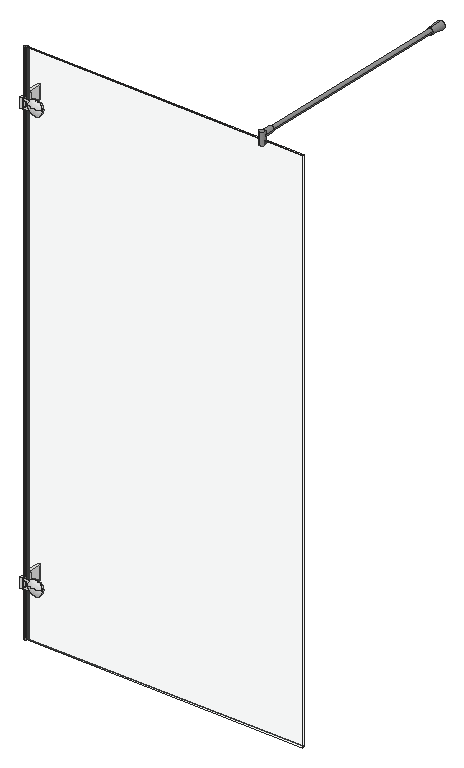
Revit family "Sanitary_Shower-screens_Duscholux_Pure-Style_Andromeda_Separator_Fixed-panel-shower-bath", category Plumbing Fixtures, Revit 2016
Family settings
  Part Type = Normal
  Round Connector Dimension = Use Diameter
  OmniClass Number = 23.45.00.00
  OmniClass Title = Sanitary, Laundry, and Cleaning Equipment
  Work Plane-Based = No
  Always vertical = Yes
  Cut with Voids When Loaded = No
  Shared = No
  Room Calculation Point = No
Parameters (values of type "Platinum Aluminium Finish")
  Width = 1000 mm
  Uniclass 2015 Description = "Shower Enclosures"
  Uniclass 2015 Code = "PR-40-20-06-79"
  URL = "http://www.duscholux.es/"
  UNSPSC Code = "30181507"
  Thickness Glass = 8 mm  # constant formula
  Technical Inspection Certificate (Applus) = "http://www.duscholux.es/resources/custom/var/APPLUS_en.pdf"
  Series = "Pure Style"
  Region South America = "Consult"
  Region Oceania = "Consult"
  Region North America = "Consult"
  Region Middle East = "Consult"
  Region Europe = "AD, ES, FR, PT"
  Region Asia = "Consult"
  Region Antartica = "Consult"
  Region Africa = "Consult"
  Ref. = "41I / 41D"
  Products = "http://www.duscholux.es/mamparas_filtro.aspx?es"
  Product group = "Fixed panel"
  Product family = "Pure Style"
  Opening System Image = "http://blob.duscholux.es/pluma512/SDIzq1f.gif"
  Opening System = "Pivot Door"
  Offset Support = 150 mm
  Net Weight (Kg) = 53.5
  NBS Reference Description = "Shower Enclosures"
  NBS Reference Code = "45-35-70"
  Model = "Andromeda"
  Min Max Width = if(Width < 501 mm, 501 mm, if(Width > 1350 mm, 1350 mm, Width))  # 1000 mm
  Max Height = if(Height < 1400 mm, 1400 mm, if(Height > 2100 mm, 2100 mm, Height))  # 1900 mm
  Manufacturer name = "Duscholux Ibérica, S.A."
  Manufacturer country = "Spain"
  Maintenance and Cleaning = "http://www.duscholux.es/mamparas_limpieza.aspx?en"
  Lenght Support = 800 mm
  Image = "https://www.duscholux.es/resources/custom/img/mamparas/PURE%20STYLE/modelos/1F0PSDF/mampara_h.jpg"
  IFC Classification = "Furnishing Element"
  Height = 1900 mm
  Handle Material = Chrome_Finish
  Glass in Building UNE EN 12150 = "CE Conformity marking"
  Glass Material = Glass_Material-Duscholux
  Frame Material = Platinum Aluminium Finish
  Fact Sheet = "http://blob.duscholux.es/enpdf2018/AndromedaSDB.pdf"
  Manufacturer = "Duscholux Ibérica, S.A."
  Environmental Management ISO 14001 = "ECOEMBES Certificate"
  Edition number = "1"
  Design country = "Spain / Germany"
  Description = "Fixed panel for shower"
  Date of publishing = ""
  Assembly Code = "C1030200"
  Configuration enclosure = "http://configuratumampara.duscholux.es/eCatalogo.aspx"
  Components = "Eropean components"
  Type Comments = ""
  Combinations = "Hinge and handle to choice (Round, square or triangular)"
  Certified Quality UNE EN 14428 = "http://www.duscholux.es/duscholux_downloads.aspx?es"
  COBIe Type Category = ""
  Brand = "Duscholux"
  Accesories Material = Chrome_Finish
Types (3, lengths in mm): name | Width | Offset Support | Min Max Width | Max Height | Height | Frame Material
  (no name) | 1000 | 150 | 1000 | 1900 | 1900 | Platinum Aluminium Finish
  Silver Matt Aluminium Finish | 900 | 100 | 900 | 1800 | 1800 | Silver Matt Aluminium Finish
  Platinum Aluminium Finish | 1000 | 150 | 1000 | 1900 | 1900 | Platinum Aluminium Finish
Reference planes
  plane 1 "Centro (Frontal/Posterior)": y = 0
  plane 2: z = 0
  plane 3 "Centro (Izquierda/Derecha)": x = 0
  plane 4: z = 1900
  plane 5: z = 950
  plane 6: z = 400
  plane 7: x = 4
  plane 8: y = 0
  plane 9: y = 6
  plane 10: x = 1000
  plane 11: z = 580
  plane 12: z = 1720
  plane 13: y = 8
  plane 14: z = 8
  plane 15: z = 180
  plane 16: y = 4
  plane 17: x = 600
Forms (mm)
  Extrusion 1, solid, material "Glass_Material-Duscholux" <- "Glass Material"
    sketch origin (0, 0, 0) x (1, 0, 0) y (0, 1, 0)
      loop
        line (6, 8) -> (6, 0) -> (1000, 0) -> (1000, 8) -> (6, 8)
    from 0 to 1900
  Extrusion 2, solid, material "Plástico, transparente"
    sketch origin (542.583, -171.096, 0) x (-1, 0, 0) y (0, -1, 0)
      loop
        line (536.583, -179.096) -> (531.583, -179.096) -> (531.583, -180.096) -> (536.583, -180.096) -> (541.183, -180.096)
        arc (541.183, -180.096) -> (542.583, -175.096) -> (541.183, -170.096) r 9.629
        line (541.183, -170.096) -> (536.583, -170.096) -> (531.583, -170.096) -> (531.583, -171.096) -> (536.583, -171.096) -> (536.583, -179.096)
      loop
        line (537.583, -170.596) -> (537.583, -179.596) -> (540.927, -179.596)
        arc (540.927, -179.596) -> (542.083, -175.096) -> (540.927, -170.596) r 9.338
        line (540.927, -170.596) -> (537.583, -170.596)
    from 1737.5 to 1900
  Extrusion 3, solid, material "Plástico, transparente"
    sketch origin (542.583, -171.096, 0) x (-1, 0, 0) y (0, -1, 0)
      loop
        line (536.583, -179.096) -> (531.583, -179.096) -> (531.583, -180.096) -> (536.583, -180.096) -> (541.183, -180.096)
        arc (541.183, -180.096) -> (542.583, -175.096) -> (541.183, -170.096) r 9.629
        line (541.183, -170.096) -> (536.583, -170.096) -> (531.583, -170.096) -> (531.583, -171.096) -> (536.583, -171.096) -> (536.583, -179.096)
      loop
        line (537.583, -170.596) -> (537.583, -179.596) -> (540.927, -179.596)
        arc (540.927, -179.596) -> (542.083, -175.096) -> (540.927, -170.596) r 9.338
        line (540.927, -170.596) -> (537.583, -170.596)
    from 197.5 to 1702.5
  Extrusion 4, solid, material "Plástico, transparente"
    sketch origin (542.583, -171.096, 0) x (-1, 0, 0) y (0, -1, 0)
      loop
        line (536.583, -179.096) -> (531.583, -179.096) -> (531.583, -180.096) -> (536.583, -180.096) -> (541.183, -180.096)
        arc (541.183, -180.096) -> (542.583, -175.096) -> (541.183, -170.096) r 9.629
        line (541.183, -170.096) -> (536.583, -170.096) -> (531.583, -170.096) -> (531.583, -171.096) -> (536.583, -171.096) -> (536.583, -179.096)
      loop
        line (537.583, -170.596) -> (537.583, -179.596) -> (540.927, -179.596)
        arc (540.927, -179.596) -> (542.083, -175.096) -> (540.927, -170.596) r 9.338
        line (540.927, -170.596) -> (537.583, -170.596)
    from 0 to 162.5
Lines and regions (mm)
  reference lines
    curve 1: line (700, 0, 0) -> (1000, 0, 0)
Dimensions and locks
  locked: plane 3 "Centro (Izquierda/Derecha)" to plane 7 at 4
  plane 5 to level = 950 mm
  "Min Max Width": plane 3 "Centro (Izquierda/Derecha)" to plane 10
  locked: plane 14 to level at 8
  locked: plane 15 to level at 180
  plane 3 "Centro (Izquierda/Derecha)" to Extrusion 4 = 6 mm
  "Max Height": plane 4 to level
  locked: plane 4 to plane 12 at 180
  locked: nested 4 to plane 12 at 17.5
  "Lenght Support": nested 5 to nested 5
  "Offset Support": nested 5 to plane 10
  "Thickness Glass": Extrusion 1 to Extrusion 1
  locked: Extrusion 2 to plane 12 at 17.5
  locked: plane 12 to Extrusion 3 at 17.5
  aligned and locked: level to plane 2
  aligned and locked: plane 12 to nested 2
  aligned and locked: plane 4 to Extrusion 1
  aligned and locked: plane 8 to curve 1
  aligned and locked: Extrusion 1 to Extrusion 2
  aligned and locked: plane 15 to nested 1
  aligned and locked: Extrusion 3 to nested 3
  aligned and locked: Extrusion 4 to level
  aligned and locked: Extrusion 4 to nested 3
  aligned and locked: plane 7 to nested 3
  aligned and locked: plane 4 to nested 5
  aligned and locked: plane 10 to Extrusion 1
Automatic sketch dimensions
  plane 1 "Centro (Frontal/Posterior)" to Extrusion 1 sketch curve = 0 mm
  Extrusion 1 sketch curve to plane 13 = 0 mm
  plane 7 to Extrusion 1 sketch curve = 2 mm
  Extrusion 2 sketch curve to plane 13 = 0 mm
  plane 1 "Centro (Frontal/Posterior)" to Extrusion 2 sketch curve = 0 mm
  Extrusion 2 sketch curve to plane 7 = 7 mm  (x2)
  plane 9 to Extrusion 2 sketch curve = 2 mm
  Extrusion 2 sketch curve to Extrusion 2 sketch curve = 1.162 mm
  Extrusion 2 sketch curve to Extrusion 2 sketch curve = 0.209 mm
  Extrusion 2 sketch curve to plane 7 = 2 mm
  Extrusion 2 sketch curve to Extrusion 2 sketch curve = 0 mm  (x3)
  Extrusion 2 sketch curve to plane 1 "Centro (Frontal/Posterior)" = 0.5 mm
  Extrusion 2 sketch curve to plane 7 = 1 mm
  Extrusion 2 sketch curve to plane 13 = 0.5 mm
  Extrusion 2 sketch curve to plane 3 "Centro (Izquierda/Derecha)" = 1.656 mm
  Extrusion 2 sketch curve to Extrusion 2 sketch curve = 0.256 mm  (x2)
  Extrusion 2 sketch curve to plane 1 "Centro (Frontal/Posterior)" = 1 mm
  Extrusion 3 sketch curve to plane 13 = 0 mm
  plane 1 "Centro (Frontal/Posterior)" to Extrusion 3 sketch curve = 0 mm
  Extrusion 3 sketch curve to plane 7 = 7 mm  (x2)
  plane 9 to Extrusion 3 sketch curve = 2 mm
  Extrusion 3 sketch curve to Extrusion 3 sketch curve = 1.162 mm
  Extrusion 3 sketch curve to Extrusion 3 sketch curve = 0.209 mm
  Extrusion 3 sketch curve to plane 7 = 2 mm
  Extrusion 3 sketch curve to Extrusion 3 sketch curve = 0 mm  (x3)
  Extrusion 3 sketch curve to plane 1 "Centro (Frontal/Posterior)" = 0.5 mm
  Extrusion 3 sketch curve to plane 7 = 1 mm
  Extrusion 3 sketch curve to plane 13 = 0.5 mm
  Extrusion 3 sketch curve to plane 3 "Centro (Izquierda/Derecha)" = 1.656 mm
  Extrusion 3 sketch curve to Extrusion 3 sketch curve = 0.256 mm  (x2)
  Extrusion 3 sketch curve to plane 1 "Centro (Frontal/Posterior)" = 1 mm
  Extrusion 4 sketch curve to plane 13 = 0 mm
  plane 1 "Centro (Frontal/Posterior)" to Extrusion 4 sketch curve = 0 mm
  Extrusion 4 sketch curve to plane 7 = 7 mm
  Extrusion 4 sketch curve to Extrusion 4 sketch curve = 0 mm  (x4)
  plane 9 to Extrusion 4 sketch curve = 2 mm
  Extrusion 4 sketch curve to Extrusion 4 sketch curve = 1.162 mm
  Extrusion 4 sketch curve to Extrusion 4 sketch curve = 0.209 mm
  Extrusion 4 sketch curve to Extrusion 4 sketch curve = 5 mm
  Extrusion 4 sketch curve to plane 1 "Centro (Frontal/Posterior)" = 0.5 mm
  Extrusion 4 sketch curve to Extrusion 4 sketch curve = 1 mm
  Extrusion 4 sketch curve to plane 13 = 0.5 mm
  Extrusion 4 sketch curve to Extrusion 4 sketch curve = 3.344 mm
  Extrusion 4 sketch curve to Extrusion 4 sketch curve = 0.256 mm  (x2)
  Extrusion 4 sketch curve to plane 1 "Centro (Frontal/Posterior)" = 1 mm
  curve 1 to plane 10 = 0 mm
  plane 17 to curve 1 = 100 mm
  Extrusion 1 sketch curve to plane 10 = 0 mm
Nested families
  nested 1: "Hinge (Wall)" at (0, 0, 155), type "Hinge (Wall)"
  nested 2: "Hinge (Wall)" at (0, 0, 1695), type "Hinge (Wall)"
  nested 3: "Hinge (Glass)" at (0, 0, 180) x (1, 0, 0) z (0, -1, 0), type "Hinge (Glass)"
  nested 4: "Hinge (Glass)" at (0, 0, 1720) x (1, 0, 0) z (0, -1, 0), type "Hinge (Glass)"
  nested 5: "Wall Support" at (850, 4, 1900) x (0, 1, 0) z (0, 0, 1), type "Wall Support"
Definition of nested family "Hinge (Wall)"
  Parameters (values of type "pletina pared")
    Material Accesorios = none
    Accesories Material = none
  Reference planes
    plane 1 "Centro (Frontal/Posterior)": y = 0
    plane 2: z = 0
    plane 3 "Centro (Izquierda/Derecha)": x = 0
    plane 4: z = 50
    plane 5: z = 42.5
    plane 6: z = 7.5
    plane 7: z = 25
  Forms (mm)
    Extrusion 1, solid, material <- "Accesories Material"
      sketch origin (0, 0, 0) x (1, 0, 0) y (0, 1, 0)
        loop
          line (-3.514, 75) -> (-10, 75) -> (-10, -4) -> (0, -4) -> (0, 32) -> (-1.514, 32) -> (-1.514, 73)
          arc (-1.514, 73) -> (-2.1, 74.414) -> (-3.514, 75) r 2
      from 0 to 50
    Extrusion 2, void
      sketch origin (0, 0, 0) x (1, 0, 0) y (0, 1, 0)
        loop
          line (-10, -4) -> (0, -4) -> (0, 32) -> (-1.514, 32) -> (-10, 26.002) -> (-10, -4)
      from 42.5 to 50
    Extrusion 3, void
      sketch origin (0, 0, 0) x (1, 0, 0) y (0, 1, 0)
        loop
          line (-10, 26.002) -> (-10, -4) -> (0, -4) -> (0, 32) -> (-1.514, 32) -> (-10, 26.002)
      from 0 to 7.5
  Cuts and joins
    Extrusion 2, Extrusion 3 cuts Extrusion 1
  Dimensions and locks
    equal spacing: plane 4, plane 7, level
    aligned and locked: level to plane 2
    aligned and locked: plane 4 to Extrusion 1
    aligned and locked: Extrusion 2 to Extrusion 1
    aligned and locked: Extrusion 2 to plane 5
    aligned and locked: Extrusion 3 to level
    aligned and locked: plane 6 to Extrusion 3
    aligned and locked: Extrusion 1 to Extrusion 2
    aligned and locked: Extrusion 1 to Extrusion 3
  Automatic sketch dimensions
    Extrusion 1 sketch curve to plane 3 "Centro (Izquierda/Derecha)" = 0 mm
    Extrusion 1 sketch curve to plane 3 "Centro (Izquierda/Derecha)" = 1.514 mm
    Extrusion 1 sketch curve to Extrusion 1 sketch curve = 2 mm
    plane 1 "Centro (Frontal/Posterior)" to Extrusion 1 sketch curve = 4 mm
    Extrusion 1 sketch curve to plane 3 "Centro (Izquierda/Derecha)" = 10 mm
    Extrusion 1 sketch curve to plane 1 "Centro (Frontal/Posterior)" = 32 mm
    Extrusion 1 sketch curve to Extrusion 1 sketch curve = 41 mm
    Extrusion 2 sketch curve to plane 3 "Centro (Izquierda/Derecha)" = 0 mm
    Extrusion 2 sketch curve to plane 3 "Centro (Izquierda/Derecha)" = 1.514 mm
    plane 1 "Centro (Frontal/Posterior)" to Extrusion 2 sketch curve = 4 mm
    Extrusion 2 sketch curve to plane 3 "Centro (Izquierda/Derecha)" = 10 mm
    Extrusion 2 sketch curve to plane 1 "Centro (Frontal/Posterior)" = 26.002 mm
    Extrusion 2 sketch curve to Extrusion 2 sketch curve = 5.998 mm
    Extrusion 3 sketch curve to plane 3 "Centro (Izquierda/Derecha)" = 0 mm
    Extrusion 3 sketch curve to plane 3 "Centro (Izquierda/Derecha)" = 1.514 mm
    Extrusion 3 sketch curve to plane 3 "Centro (Izquierda/Derecha)" = 10 mm
    plane 1 "Centro (Frontal/Posterior)" to Extrusion 3 sketch curve = 4 mm
    Extrusion 3 sketch curve to plane 1 "Centro (Frontal/Posterior)" = 26.002 mm
    Extrusion 3 sketch curve to Extrusion 3 sketch curve = 5.998 mm
Definition of nested family "Hinge (Glass)"
  Parameters (values of type "Hinge (Glass)")
    Default Elevation = 1219.2 mm
    Accesories Material = none
  Reference planes
    plane 1 "Centro (Frontal/Posterior)": y = 0
    plane 2: z = 0
    plane 3 "Centro (Izquierda/Derecha)": x = 0
    plane 4: y = 17.5
    plane 5: y = -17.5
    plane 6: x = 43.993
  Forms (mm)
    Extrusion 1, solid
      sketch origin (0, 0, 0) x (1, 0, 0) y (0, 1, 0)
        loop
          line (-1219.2, 1219.2) -> (-1219.2, -1219.2) -> (1219.2, -1219.2) -> (1219.2, 1219.2) -> (-1219.2, 1219.2)
      from 0 to -304.8
    Extrusion 2, solid, material <- "Accesories Material"
      sketch origin (0.8, 0, 0) x (1, 0, 0) y (0, 1, 0)
        loop
          line (-0.8, 17.5) -> (-0.8, -17.5) -> (24.777, -17.5)
          arc (24.777, -17.5) -> (69.993, 0) -> (24.777, 17.5) r 25.995
          line (24.777, 17.5) -> (-0.8, 17.5)
        loop
          line (3.2, 9.5) -> (3.2, -9.5) -> (12.7, -9.5) -> (12.7, 9.5) -> (3.2, 9.5)
      from 0 to 4
    Revolve 3, solid, material <- "Accesories Material"
      sketch origin (0.8, 0, 0) x (1, 0, 0) y (0, 0, 1)
        loop
          arc (69.993, 4) -> (57.6, 9.978) -> (43.993, 12.031) r 46.1
          line (43.993, 12.031) -> (43.993, 4) -> (69.993, 4)
        axis (43.993, 12.031) -> (43.993, 4)
      angle from 0 to 360
    Extrusion 4, void
      sketch origin (0, 0, 0) x (1, 0, 0) y (0, 0, 1)
        loop
          arc (0, 0) -> (1.172, 2.828) -> (4, 4) r 4
          line (4, 4) -> (0, 4) -> (0, 0)
      from -17.5 to 17.5
  Cuts and joins
    Extrusion 4 cuts Extrusion 2
    Extrusion 4 cuts Revolve 3
    joined: Extrusion 2, Revolve 3
  Dimensions and locks
    aligned and locked: plane 2 to Extrusion 1
    aligned and locked: level to Extrusion 1
    aligned and locked: Extrusion 2 to plane 3 "Centro (Izquierda/Derecha)"
    aligned and locked: cut or joined group of Extrusion 2, Revolve 3, Extrusion 4 to cut or joined group of Extrusion 2, Revolve 3, Extrusion 4
    aligned and locked: Extrusion 2 to Extrusion 4
Definition of nested family "Wall Support"
  Parameters (values of type "Wall Support")
    Lenght = 800 mm
  Reference planes
    plane 1 "Center (Front/Back)": y = 0
    plane 2: z = 0
    plane 3 "Center (Left/Right)": x = 0
    plane 4: x = 800
  Forms (mm)
    Extrusion 1, solid
      sketch origin (0, 0, 0) x (1, 0, 0) y (0, 1, 0)
        loop
          circle (0, 0) r 10
      from -15 to 25
    Extrusion 2, void
      sketch origin (0, 0, 0) x (1, 0, 0) y (0, 0, 1)
        loop
          line (-4.5, 0) -> (-4.5, -15) -> (4.5, -15) -> (4.5, 0) -> (-4.5, 0)
      from -12.835 to 17.899
    Extrusion 3, solid
      sketch origin (0, 0, 0) x (0, 1, 0) y (0, 0, 1)
        loop
          circle (0, 15) r 10
      from 0 to 40
    Extrusion 4, solid
      sketch origin (0, 0, 0) x (0, 1, 0) y (0, 0, 1)
        loop
          circle (0, 15) r 7.5
      from 40 to 755
    Revolve 5, solid
      sketch origin (0, 0, 0) x (1, 0, 0) y (0, 0, 1)
        loop
          line (755, 15) -> (800, 15) -> (800, 28.966) -> (755, 25) -> (755, 15)
        axis (800, 15) -> (755, 15)
      angle from 0 to 360
  Cuts and joins
    Extrusion 2 cuts Extrusion 1
    joined: Extrusion 1, Extrusion 3
  Dimensions and locks
    "Lenght": plane 4 to plane 3 "Center (Left/Right)"
    locked: level to Extrusion 1 at 15
    locked: Extrusion 1 to Extrusion 1 at 40
    Extrusion 3 to Extrusion 3 = 40 mm
    locked: plane 4 to Extrusion 4 at 45
    aligned and locked: level to plane 2
    aligned and locked: Extrusion 3 to plane 3 "Center (Left/Right)"
    aligned and locked: Extrusion 4 to cut or joined group of Extrusion 1, Extrusion 2, Extrusion 3
  Automatic sketch dimensions
    plane 1 "Center (Front/Back)" to Extrusion 1 sketch curve = 0 mm
    Extrusion 1 sketch curve to plane 3 "Center (Left/Right)" = 0 mm
    Extrusion 2 sketch curve to level = 0 mm
    Extrusion 2 sketch curve to plane 3 "Center (Left/Right)" = 4.5 mm
    plane 3 "Center (Left/Right)" to Extrusion 2 sketch curve = 4.5 mm
    Extrusion 2 sketch curve to level = 15 mm
    Extrusion 3 sketch curve to plane 1 "Center (Front/Back)" = 0 mm
    level to Extrusion 3 sketch curve = 15 mm
    Extrusion 4 sketch curve to plane 1 "Center (Front/Back)" = 0 mm
    level to Extrusion 4 sketch curve = 15 mm
    Revolve 5 sketch curve to plane 4 = 0 mm  (x2)
    level to Revolve 5 sketch curve = 15 mm
    Revolve 5 sketch curve to Revolve 5 sketch curve = 45 mm
    Revolve 5 sketch curve to Revolve 5 sketch curve = 10 mm
    Revolve 5 sketch curve to Revolve 5 sketch curve = 13.966 mm
    Revolve 5 sketch curve to Revolve 5 sketch curve = 0 mm  (x2)
    radius of Extrusion 1 sketch curve = 10 mm
    radius of Extrusion 3 sketch curve = 10 mm
    radius of Extrusion 4 sketch curve = 7.5 mm
